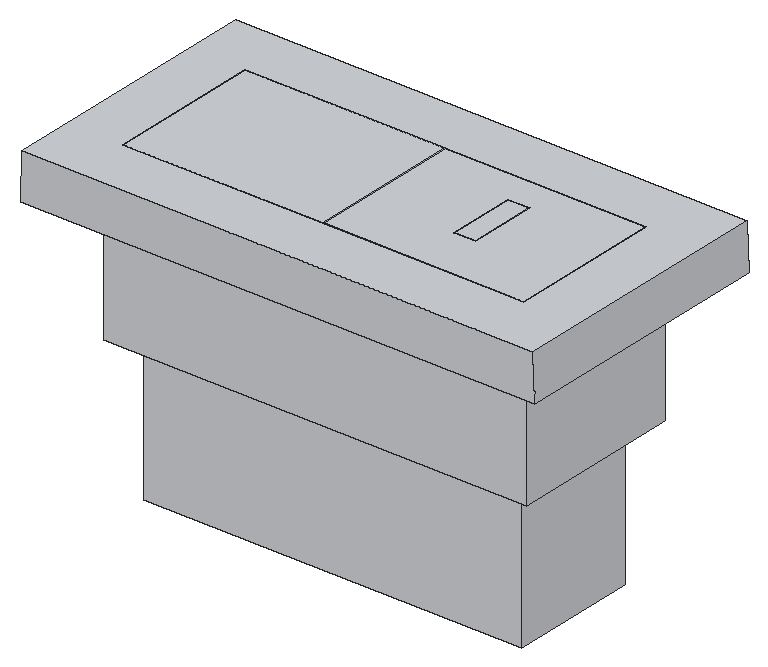
Revit family "ACO_PitLok_Plastic", category Electrical Equipment, Revit 2015
Parameters (values of type "P8 Assembly – ACO PitLok SCEC (SL1)")
  type_index = 4
  overall weight = if(type_index = 7, "1090 kg", if(type_index = 6, "500 kg", if(type_index = 5, "390 kg", if(type_index = 4, "399 kg", if(type_index = 3, "390 kg", if(type_index = 2, "220 kg", if(type_index = 1, "204 kg", "0")))))))  # "399 kg"
  overall depth = if(type_index = 7, 220 mm, if(type_index = 6, 200 mm, if(type_index = 5, 150 mm, if(type_index = 4, 1040 mm, if(type_index = 3, 820 mm, if(type_index = 2, 785 mm, if(type_index = 1, 950 mm, 0 mm)))))))  # 1040 mm
  UF Number = "G4010.10"  # constant formula
  Plinth Part Number = if(type_index = 7, "142519", if(type_index = 6, "142238", if(type_index = 5, "142366", if(type_index = 4, "142236", if(type_index = 3, "142236", if(type_index = 2, "142235", if(type_index = 1, "142234", "0")))))))  # "142236"
  Pit Part Number = if(type_index = 7, "--", if(type_index = 6, "--", if(type_index = 5, "--", if(type_index = 4, "75019", if(type_index = 3, "75475", if(type_index = 2, "7604299", if(type_index = 1, "75957", "0")))))))  # "75019"
  P4_visibility = type_index = 1  # no
  URL = "http://www.acoaus.com.au/"
  P8_visibility = type_index = 4  # yes
  P6_visibility = type_index = 3  # no
  P5_visibiliy = type_index = 2  # no
  Model = "ACO PitLok®"  # constant formula
  Manufacturer = "ACO Pty Ltd\r\n"  # constant formula
  MF Number = "337173"  # constant formula
  Lid part number = if(type_index = 7, "142519", if(type_index = 6, "142238", if(type_index = 5, "142367", if(type_index = 4, "142241", if(type_index = 3, "142241", if(type_index = 2, "142240", if(type_index = 1, "142239", "0")))))))  # "142241"
  Description = "ACO PITLOK® High Security Trafficable Enclosures"  # constant formula
  Clear Opening Dimensions = if(type_index = 7, "990 x 990 mm", if(type_index = 6, "990 x 990 mm", if(type_index = 5, "715 x 715 mm", if(type_index = 4, "1268 x 455 x 836 mm", if(type_index = 3, "1268 x 455 x 616 mm", if(type_index = 2, "603 x 353  x 581 mm", if(type_index = 1, "605 x 300 x 745 mm", "0")))))))  # "1268 x 455 x 836 mm"
  Assembly Code = ""
  800P_visibility = type_index = 5  # no
  1000HP_visibility = type_index = 6  # no
  1000HP15_visibility = type_index = 7  # no
Types (8, lengths in mm): name | type_index | overall weight | overall depth | Plinth Part Number | Pit Part Number | P4_visibility | P8_visibility | P6_visibility | P5_visibiliy | Lid part number | Clear Opening Dimensions | 800P_visibility | 1000HP_visibility | 1000HP15_visibility
  (no name) | 4 | "399 kg" | 1040 | "142236" | "75019" | no | yes | no | no | "142241" | "1268 x 455 x 836 mm" | no | no | no
  1000HP10 Assembly – ACO PitLok SCEC (SL1) | 6 | "500 kg" | 200 | "142238" | "--" | no | no | no | no | "142238" | "990 x 990 mm" | no | yes | no
  P5 Assembly – ACO PitLok SCEC (SL1) | 2 | "220 kg" | 785 | "142235" | "7604299" | no | no | no | yes | "142240" | "603 x 353  x 581 mm" | no | no | no
  P6 Assembly – ACO PitLok SCEC (SL1) | 3 | "390 kg" | 820 | "142236" | "75475" | no | no | yes | no | "142241" | "1268 x 455 x 616 mm" | no | no | no
  P8 Assembly – ACO PitLok SCEC (SL1) | 4 | "399 kg" | 1040 | "142236" | "75019" | no | yes | no | no | "142241" | "1268 x 455 x 836 mm" | no | no | no
  800P Assembly – ACO PitLok SCEC (SL1) | 5 | "390 kg" | 150 | "142366" | "--" | no | no | no | no | "142367" | "715 x 715 mm" | yes | no | no
  P4 Assembly – ACO PitLok SCEC (SL1) | 1 | "204 kg" | 950 | "142234" | "75957" | yes | no | no | no | "142239" | "605 x 300 x 745 mm" | no | no | no
  1000HP15 Assembly – ACO PitLok SCEC (SL1) | 7 | "1090 kg" | 220 | "142519" | "--" | no | no | no | no | "142519" | "990 x 990 mm" | no | no | yes
Reference planes
  plane 1 "Center (Front/Back)": y = 0
  plane 2: z = 0
  plane 3 "Center (Left/Right)": x = 0
  plane 4 "Pit_top": z = -1000
Lines and regions (mm)
  symbolic lines
    curve 1: line (0, 0, -1000) -> (0, 251, -1000)
Dimensions and locks
  level to plane 4 "Pit_top" = 1000 mm
  aligned and locked: level to plane 2
  aligned and locked: plane 3 "Center (Left/Right)" to nested 1
  aligned and locked: plane 1 "Center (Front/Back)" to nested 1
  aligned and locked: plane 4 "Pit_top" to nested 1
  aligned and locked: plane 1 "Center (Front/Back)" to nested 2
  aligned and locked: plane 3 "Center (Left/Right)" to nested 2
  aligned and locked: plane 4 "Pit_top" to nested 2
  aligned and locked: plane 1 "Center (Front/Back)" to nested 3
  aligned and locked: plane 3 "Center (Left/Right)" to nested 3
  aligned and locked: plane 4 "Pit_top" to nested 3
  aligned and locked: plane 1 "Center (Front/Back)" to nested 4
  aligned and locked: plane 3 "Center (Left/Right)" to nested 4
  aligned and locked: plane 4 "Pit_top" to nested 4
  aligned and locked: plane 1 "Center (Front/Back)" to nested 5
  aligned and locked: plane 3 "Center (Left/Right)" to nested 5
  aligned and locked: plane 4 "Pit_top" to nested 5
  aligned and locked: plane 1 "Center (Front/Back)" to nested 6
  aligned and locked: plane 3 "Center (Left/Right)" to nested 6
  aligned and locked: plane 4 "Pit_top" to nested 6
  aligned and locked: plane 1 "Center (Front/Back)" to nested 7
  aligned and locked: plane 3 "Center (Left/Right)" to nested 7
  aligned and locked: plane 4 "Pit_top" to nested 7
Nested families
  nested 1: "p4" at (0, 0, -149.909), visible <- "P4_visibility", type "P4"
    with article_number "", a 700 mm
  nested 2: "p5" at (0, 0, -150), visible <- "P5_visibiliy", type "P5"
    with article_number "", Plinth width 750 mm
  nested 3: "p6" at (0, 0, -149.909), visible <- "P6_visibility", type "P6"
    with plinth width 870 mm, article_number ""
  nested 4: "p8" at (0, 0, -149.909), visible <- "P8_visibility", type "P6"
    with plinth width 870 mm, article_number ""
  nested 5: "800p" at (0, 0, -149.909), visible <- "800P_visibility", type "800p"
    with plinth width 1180 mm, article_number ""
  nested 6: "1000HP10" at (0, 0, -200), visible <- "1000HP_visibility", type "100HP"
    with plinth width 1400 mm, article_number ""
  nested 7: "1000HP15" at (0, 0, -220), visible <- "1000HP15_visibility", type "100HP15"
    with plinth width 1760 mm, article_number ""
Definition of nested family "p8"
  Parameters (values of type "P6")
    y_dist_calculated = 472 mm  # constant formula
    x_dist_calculated = 418 mm  # constant formula
    visibility = yes
    overall_top_width = 1378 mm  # constant formula
    overall_top_length = 565 mm  # constant formula
    lid_width = 1306 mm  # constant formula
    lid_length = 498 mm  # constant formula
    article_number [instance] = ""
    plinth width [instance] = 870 mm  # constant formula
    URL = ""
    Model = "ACO PITLOK®"  # constant formula
    Manufacturer = "ACO Pty Ltd\r\n"  # constant formula
    Description = "ACO PITLOK® High Security Trafficable Enclosures"  # constant formula
    Assembly Code = ""
  Reference planes
    plane 1 "Center (Front/Back)": y = 0
    plane 2: z = 0
    plane 3 "Center (Left/Right)": x = 0
    plane 4 "Pit_top": z = -1000
    plane 5: x = -689
    plane 6: x = 689
    plane 7: y = 282.5
    plane 8: y = -282.5
    plane 9: y = 435
    plane 10: y = -435
  Forms (mm)
    Sweep 1, solid, visible <- "visibility"
      path origin (0, 0, -1000) x (-1, 0, 0) y (0, -1, 0)
        loop
          line (689, -282.5) -> (689, 282.5) -> (-689, 282.5) -> (-689, -282.5) -> (689, -282.5)
      profile origin (0, 282.5, -1000) x (0, 1, 0) y (0, 0, 1)
        loop
          line (0, 0) -> (-31.5, 0) -> (-31.5, -368) -> (-105, -368) -> (-105, -890) -> (-74, -890) -> (-74, -418) -> (0, -418) -> (0, 0)
    Extrusion 2, solid, visible <- "visibility"
      sketch origin (0, 0, -1000) x (-1, 0, 0) y (0, -1, 0)
        loop
          line (584, -177.5) -> (584, 177.5) -> (-584, 177.5) -> (-584, -177.5) -> (584, -177.5)
      from -890 to -860.581
    Extrusion 3, solid, visible <- "visibility"
      sketch origin (0, 0, 0) x (1, 0, 0) y (0, 0, 1)
        loop
          line (-832.265, -850.091) -> (-837.5, -1000) -> (0, -1000) -> (837.5, -1000) -> (832.265, -850.091) -> (-832.265, -850.091)
      from -435 to 435
    Extrusion 4, void
      sketch origin (0, 0, -1000) x (-1, 0, 0) y (0, -1, 0)
        loop
          line (653, -249) -> (653, 249) -> (-653, 249) -> (-653, -249) -> (653, -249)
      from 0 to 149.909
    Extrusion 5, solid, visible <- "visibility"
      sketch origin (0, 0, -1000) x (-1, 0, 0) y (0, -1, 0)
        loop
          line (652, -248) -> (652, 248) -> (1, 248) -> (1, -248) -> (652, -248)
        loop
          line (-1, -248) -> (-1, 248) -> (-652, 248) -> (-652, -248) -> (-1, -248)
        loop
          line (-360, -141) -> (-290, -141) -> (-290, 79) -> (-360, 79) -> (-360, -141)
        loop
          line (-291, -140) -> (-291, 78) -> (-359, 78) -> (-359, -140) -> (-291, -140)
      from 132.62 to 149.909
  Cuts and joins
    Extrusion 4 cuts Sweep 1
    Extrusion 4 cuts Extrusion 2
    joined: Sweep 1, Extrusion 2
    Extrusion 4 cuts Extrusion 3
  Lines and regions (mm)
    symbolic lines
      curve 1: line (0, 0, -1000) -> (0, 251, -1000)
  Dimensions and locks
    level to plane 4 "Pit_top" = 1000 mm
    equal spacing: plane 5, plane 3 "Center (Left/Right)", plane 6
    equal spacing: plane 7, plane 1 "Center (Front/Back)", plane 8
    "x_dist_calculated": plane 4 "Pit_top" to Sweep 1 sketch curve
    "y_dist_calculated": Sweep 1 sketch curve to Sweep 1 sketch curve
    "overall_top_width": plane 5 to plane 6
    "overall_top_length": plane 7 to plane 8
    Sweep 1 sketch curve to Sweep 1 sketch curve to Sweep 1 sketch curve to Sweep 1 sketch curve = 31.5 mm locked, 42.5 mm locked, 31 mm locked
    equal spacing: plane 9, plane 1 "Center (Front/Back)", plane 10
    "plinth width": plane 9 to plane 10
    equal spacing: Extrusion 4 sketch curve, plane 3 "Center (Left/Right)", Extrusion 4 sketch curve
    "lid_width": Extrusion 4 sketch curve to Extrusion 4 sketch curve
    equal spacing: Extrusion 4 sketch curve, plane 1 "Center (Front/Back)", Extrusion 4 sketch curve
    "lid_length": Extrusion 4 sketch curve to Extrusion 4 sketch curve
    locked: Extrusion 3 sketch curve to Extrusion 3 sketch curve at 1675
    equal spacing: Extrusion 3 sketch curve, plane 3 "Center (Left/Right)", Extrusion 3 sketch curve, locked at 837.5 each
    Extrusion 5 sketch curve to Extrusion 5 sketch curve to Extrusion 5 sketch curve to Extrusion 5 sketch curve to Extrusion 5 sketch curve to Extrusion 5 sketch curve to Extrusion 5 sketch curve to Extrusion 5 sketch curve = 651 mm locked, 2 mm locked, 289 mm locked, 1 mm locked, 68 mm locked, 1 mm locked, 292 mm locked
    cut or joined group of Extrusion 3, Extrusion 4 to Extrusion 5 sketch curve to Extrusion 5 sketch curve to Extrusion 5 sketch curve to Extrusion 5 sketch curve to Extrusion 5 sketch curve = 170 mm locked, 1 mm locked, 218 mm locked, 1 mm locked, 107 mm locked
    locked: Extrusion 3 sketch curve to Extrusion 3 sketch curve (angle 88.00°)  (x2)
    aligned and locked: level to plane 2
    aligned and locked: Sweep 1 sketch curve to plane 7
    aligned and locked: plane 5 to Sweep 1 sketch curve
    aligned and locked: Sweep 1 sketch curve to plane 6
    aligned and locked: plane 8 to Sweep 1 sketch curve
    aligned and locked: Extrusion 2 sketch curve to Sweep 1  (x4)
    aligned and locked: Sweep 1 to Extrusion 2
    aligned and locked: plane 9 to Extrusion 3
    aligned and locked: Extrusion 3 to plane 10
  Automatic sketch dimensions
    curve 1 to plane 1 "Center (Front/Back)" = 0 mm
    curve 1 to plane 4 "Pit_top" = 0 mm
    curve 1 to plane 7 = 31.5 mm
    Extrusion 3 sketch curve to plane 4 "Pit_top" = 0 mm
    plane 3 "Center (Left/Right)" to Extrusion 3 sketch curve = 0 mm
    Extrusion 3 sketch curve to Extrusion 3 sketch curve = 5.235 mm
    Extrusion 5 sketch curve to plane 3 "Center (Left/Right)" = 1 mm
    Extrusion 5 sketch curve to plane 7 = 34.5 mm
    plane 8 to Extrusion 5 sketch curve = 34.5 mm
    Extrusion 5 sketch curve to Extrusion 5 sketch curve = 0 mm
    Sweep 1 sketch curve to plane 4 "Pit_top" = 0 mm
    Sweep 1 sketch curve to profile plane = 0 mm
    Sweep 1 sketch curve to Sweep 1 sketch curve = 50 mm
Definition of nested family "p4"
  Parameters (values of type "P4")
    y_dist_calculated = 503 mm  # constant formula
    x_dist_calculated = 297 mm  # constant formula
    visibility = yes
    overall_top_width = 715 mm  # constant formula
    overall_top_length = 410 mm  # constant formula
    lid_width = 648 mm  # constant formula
    lid_length = 346 mm  # constant formula
    article_number [instance] = ""
    a [instance] = 700 mm  # constant formula
    URL = ""
    Model = "ACO PITLOK®"  # constant formula
    Manufacturer = "ACO Pty Ltd\r\n"  # constant formula
    Description = "ACO PITLOK® High Security Trafficable Enclosures"  # constant formula
    Assembly Code = ""
  Reference planes
    plane 1 "Center (Front/Back)": y = 0
    plane 2: z = 0
    plane 3 "Center (Left/Right)": x = 0
    plane 4 "Pit_top": z = -1000
    plane 5: x = -357.5
    plane 6: x = 357.5
    plane 7: y = 205
    plane 8: y = -205
    plane 9: y = 350
    plane 10: y = -350
  Forms (mm)
    Sweep 1, solid, visible <- "visibility"
      path origin (0, 0, -1000) x (-1, 0, 0) y (0, -1, 0)
        loop
          line (357.5, -205) -> (357.5, 205) -> (-357.5, 205) -> (-357.5, -205) -> (357.5, -205)
      profile origin (0, 205, -1000) x (0, 1, 0) y (0, 0, 1)
        loop
          line (0, 0) -> (-31.5, 0) -> (-31.5, -247) -> (-105, -247) -> (-105, -800) -> (-74, -800) -> (-74, -297) -> (0, -297) -> (0, 0)
    Extrusion 2, solid, visible <- "visibility"
      sketch origin (0, 0, -1000) x (-1, 0, 0) y (0, -1, 0)
        loop
          line (252.5, -100) -> (252.5, 100) -> (-252.5, 100) -> (-252.5, -100) -> (252.5, -100)
      from -800 to -790.322
    Extrusion 3, solid, visible <- "visibility"
      sketch origin (0, 0, 0) x (1, 0, 0) y (0, 0, 1)
        loop
          line (514.853, -1000) -> (509.618, -850.091) -> (-490.382, -850.091) -> (-495.617, -1000) -> (514.853, -1000)
      from -350 to 350
    Extrusion 4, void
      sketch origin (0, 0, -1000) x (-1, 0, 0) y (0, -1, 0)
        loop
          line (324, -173) -> (324, 173) -> (-324, 173) -> (-324, -173) -> (324, -173)
      from 0 to 149.909
    Extrusion 5, solid, visible <- "visibility"
      sketch origin (0, 0, -1000) x (-1, 0, 0) y (0, -1, 0)
        loop
          line (324, -172) -> (324, 172) -> (-323, 172) -> (-323, -172) -> (324, -172)
        loop
          line (110, -35) -> (110, 35) -> (-110, 35) -> (-110, -35) -> (110, -35)
        loop
          line (109, -34) -> (109, 34) -> (-109, 34) -> (-109, -34) -> (109, -34)
      from 136.987 to 149.909
  Cuts and joins
    Extrusion 4 cuts Sweep 1
    Extrusion 4 cuts Extrusion 2
    joined: Sweep 1, Extrusion 2
    Extrusion 4 cuts Extrusion 3
  Lines and regions (mm)
    symbolic lines
      curve 1: line (0, 0, -1000) -> (0, 173.5, -1000)
  Dimensions and locks
    level to plane 4 "Pit_top" = 1000 mm
    equal spacing: plane 5, plane 3 "Center (Left/Right)", plane 6
    equal spacing: plane 7, plane 1 "Center (Front/Back)", plane 8
    "x_dist_calculated": plane 4 "Pit_top" to Sweep 1 sketch curve
    "y_dist_calculated": Sweep 1 sketch curve to Sweep 1 sketch curve
    "overall_top_width": plane 5 to plane 6
    "overall_top_length": plane 7 to plane 8
    Sweep 1 sketch curve to Sweep 1 sketch curve to Sweep 1 sketch curve to Sweep 1 sketch curve = 31.5 mm locked, 42.5 mm locked, 31 mm locked
    equal spacing: plane 9, plane 1 "Center (Front/Back)", plane 10
    "a": plane 9 to plane 10
    Extrusion 3 sketch curve to plane 3 "Center (Left/Right)" to Extrusion 3 sketch curve = 509.618 mm locked, 495.617 mm locked
    equal spacing: Extrusion 4 sketch curve, plane 3 "Center (Left/Right)", Extrusion 4 sketch curve
    "lid_width": Extrusion 4 sketch curve to Extrusion 4 sketch curve
    equal spacing: Extrusion 4 sketch curve, plane 1 "Center (Front/Back)", Extrusion 4 sketch curve
    "lid_length": Extrusion 4 sketch curve to Extrusion 4 sketch curve
    locked: Extrusion 5 sketch curve to Extrusion 5 sketch curve at 647
    locked: Extrusion 5 sketch curve to Extrusion 5 sketch curve at 344
    Extrusion 5 sketch curve to Extrusion 5 sketch curve to Extrusion 5 sketch curve to Extrusion 5 sketch curve = 1 mm locked, 218 mm locked, 1 mm locked
    Extrusion 5 sketch curve to Extrusion 5 sketch curve to Extrusion 5 sketch curve = 69 mm locked, 1 mm locked
    locked: Extrusion 3 sketch curve to Extrusion 3 sketch curve (angle 92.00°)  (x2)
    aligned and locked: level to plane 2
    aligned and locked: Sweep 1 sketch curve to plane 7
    aligned and locked: plane 5 to Sweep 1 sketch curve
    aligned and locked: Sweep 1 sketch curve to plane 6
    aligned and locked: plane 8 to Sweep 1 sketch curve
    aligned and locked: Extrusion 2 sketch curve to Sweep 1  (x4)
    aligned and locked: Sweep 1 to Extrusion 2
    aligned and locked: plane 9 to Extrusion 3
    aligned and locked: Extrusion 3 to plane 10
    aligned and locked: plane 4 "Pit_top" to Extrusion 3 sketch curve
    aligned and locked: cut or joined group of Extrusion 3, Extrusion 4 to Extrusion 5
    aligned and locked: cut or joined group of Extrusion 3, Extrusion 4 to Extrusion 4
  Automatic sketch dimensions
    curve 1 to plane 1 "Center (Front/Back)" = 0 mm
    curve 1 to plane 4 "Pit_top" = 0 mm
    curve 1 to plane 7 = 31.5 mm
    Extrusion 3 sketch curve to plane 5 = 132.882 mm
    Extrusion 5 sketch curve to plane 6 = 34.5 mm
    Extrusion 5 sketch curve to plane 1 "Center (Front/Back)" = 34 mm
    Extrusion 5 sketch curve to plane 3 "Center (Left/Right)" = 109 mm
    Extrusion 5 sketch curve to plane 7 = 33 mm
    plane 1 "Center (Front/Back)" to Extrusion 5 sketch curve = 34 mm
    Sweep 1 sketch curve to plane 4 "Pit_top" = 0 mm
    Sweep 1 sketch curve to profile plane = 0 mm
    Sweep 1 sketch curve to Sweep 1 sketch curve = 50 mm
Definition of nested family "p5"
  Parameters (values of type "P5")
    y_dist_calculated = 340 mm  # constant formula
    x_dist_calculated = 298 mm  # constant formula
    visibility = yes
    overall_top_width = 713 mm  # constant formula
    overall_top_length = 463 mm  # constant formula
    lid_width = 648 mm  # constant formula
    lid_length = 398 mm  # constant formula
    article_number [instance] = ""
    Plinth width [instance] = 750 mm  # constant formula
    URL = ""
    Model = "ACO PITLOK®"  # constant formula
    Manufacturer = "ACO Pty Ltd\r\n"  # constant formula
    Description = "ACO PITLOK® High Security Trafficable Enclosures"  # constant formula
    Assembly Code = ""
  Reference planes
    plane 1 "Center (Front/Back)": y = 0
    plane 2: z = 0
    plane 3 "Center (Left/Right)": x = 0
    plane 4 "Pit_top": z = -1000
    plane 5: x = -356.5
    plane 6: x = 356.5
    plane 7: y = 231.5
    plane 8: y = -231.5
    plane 9: y = 375
    plane 10: y = -375
  Forms (mm)
    Sweep 1, solid, visible <- "visibility"
      path origin (0, 0, -1000) x (-1, 0, 0) y (0, -1, 0)
        loop
          line (356.5, -231.5) -> (356.5, 231.5) -> (-356.5, 231.5) -> (-356.5, -231.5) -> (356.5, -231.5)
      profile origin (0, 231.5, -1000) x (0, 1, 0) y (0, 0, 1)
        loop
          line (0, 0) -> (-31.5, 0) -> (-31.5, -248) -> (-105, -248) -> (-105, -638) -> (-74, -638) -> (-74, -298) -> (0, -298) -> (0, 0)
    Extrusion 2, solid, visible <- "visibility"
      sketch origin (0, 0, -1000) x (-1, 0, 0) y (0, -1, 0)
        loop
          line (251.5, -126.5) -> (251.5, 126.5) -> (-251.5, 126.5) -> (-251.5, -126.5) -> (251.5, -126.5)
      from -638 to -633.748
    Extrusion 3, solid, visible <- "visibility"
      sketch origin (0, 0, 0) x (1, 0, 0) y (0, 0, 1)
        loop
          line (478.477, -1000) -> (473.239, -850) -> (-473.239, -850) -> (-478.477, -1000) -> (478.477, -1000)
      from -375 to 375
    Extrusion 4, void
      sketch origin (0, 0, -1000) x (-1, 0, 0) y (0, -1, 0)
        loop
          line (324, -199) -> (324, 199) -> (-324, 199) -> (-324, -199) -> (324, -199)
      from 0 to 149.909
    Extrusion 5, solid, visible <- "visibility"
      sketch origin (0, 0, -1000) x (-1, 0, 0) y (0, -1, 0)
        loop
          line (323.125, -197.75) -> (323.125, 197.75) -> (-322, 197.75) -> (-322, -197.75) -> (323.125, -197.75)
        loop
          line (110, -35) -> (110, 35) -> (-110, 35) -> (-110, -35) -> (110, -35)
        loop
          line (109, -34) -> (109, 34) -> (-109, 34) -> (-109, -34) -> (109, -34)
      from 137.099 to 150
  Cuts and joins
    Extrusion 4 cuts Sweep 1
    Extrusion 4 cuts Extrusion 2
    joined: Sweep 1, Extrusion 2
    Extrusion 4 cuts Extrusion 3
  Lines and regions (mm)
    symbolic lines
      curve 1: line (0, 0, -1000) -> (0, 200, -1000)
  Dimensions and locks
    level to plane 4 "Pit_top" = 1000 mm
    equal spacing: plane 5, plane 3 "Center (Left/Right)", plane 6
    equal spacing: plane 7, plane 1 "Center (Front/Back)", plane 8
    "x_dist_calculated": plane 4 "Pit_top" to Sweep 1 sketch curve
    "y_dist_calculated": Sweep 1 sketch curve to Sweep 1 sketch curve
    "overall_top_width": plane 5 to plane 6
    "overall_top_length": plane 7 to plane 8
    Sweep 1 sketch curve to Sweep 1 sketch curve to Sweep 1 sketch curve to Sweep 1 sketch curve = 31.5 mm locked, 42.5 mm locked, 31 mm locked
    equal spacing: plane 9, plane 1 "Center (Front/Back)", plane 10
    "Plinth width": plane 9 to plane 10
    equal spacing: Extrusion 4 sketch curve, plane 3 "Center (Left/Right)", Extrusion 4 sketch curve
    "lid_width": Extrusion 4 sketch curve to Extrusion 4 sketch curve
    equal spacing: Extrusion 4 sketch curve, plane 1 "Center (Front/Back)", Extrusion 4 sketch curve
    "lid_length": Extrusion 4 sketch curve to Extrusion 4 sketch curve
    Extrusion 5 sketch curve to Extrusion 5 sketch curve = 645.125 mm
    equal spacing: Extrusion 3 sketch curve, plane 3 "Center (Left/Right)", Extrusion 3 sketch curve
    Extrusion 5 sketch curve to Extrusion 5 sketch curve to Extrusion 5 sketch curve to Extrusion 5 sketch curve = 1 mm locked, 218 mm locked, 1 mm locked
    Extrusion 5 sketch curve to Extrusion 5 sketch curve to Extrusion 5 sketch curve to Extrusion 5 sketch curve = 1 mm locked, 68 mm locked, 1 mm locked
    equal spacing: Extrusion 5 sketch curve, plane 1 "Center (Front/Back)", Extrusion 5 sketch curve
    locked: Extrusion 3 sketch curve to Extrusion 3 sketch curve (angle 92.00°)  (x2)
    aligned and locked: level to plane 2
    aligned and locked: Sweep 1 sketch curve to plane 7
    aligned and locked: plane 5 to Sweep 1 sketch curve
    aligned and locked: Sweep 1 sketch curve to plane 6
    aligned and locked: plane 8 to Sweep 1 sketch curve
    aligned and locked: Extrusion 2 sketch curve to Sweep 1  (x4)
    aligned and locked: Sweep 1 to Extrusion 2
    aligned and locked: plane 9 to Extrusion 3
    aligned and locked: Extrusion 3 to plane 10
    aligned and locked: plane 4 "Pit_top" to Extrusion 3 sketch curve
  Automatic sketch dimensions
    curve 1 to plane 1 "Center (Front/Back)" = 0 mm
    curve 1 to plane 4 "Pit_top" = 0 mm
    curve 1 to plane 7 = 31.5 mm
    Extrusion 3 sketch curve to Extrusion 3 sketch curve = 5.238 mm
    Extrusion 3 sketch curve to plane 5 = 121.977 mm
    Extrusion 5 sketch curve to plane 6 = 34.5 mm
    Extrusion 5 sketch curve to plane 3 "Center (Left/Right)" = 109 mm
    plane 1 "Center (Front/Back)" to Extrusion 5 sketch curve = 34 mm
    Extrusion 5 sketch curve to plane 7 = 33.75 mm
    Sweep 1 sketch curve to plane 4 "Pit_top" = 0 mm
    Sweep 1 sketch curve to profile plane = 0 mm
    Sweep 1 sketch curve to Sweep 1 sketch curve = 50 mm
Definition of nested family "p6"
  Parameters (values of type "P6")
    y_dist_calculated = 372 mm  # constant formula
    x_dist_calculated = 297 mm  # constant formula
    visibility = yes
    overall_top_width = 1378 mm  # constant formula
    overall_top_length = 565 mm  # constant formula
    lid_width = 1306 mm  # constant formula
    lid_length = 498 mm  # constant formula
    article_number [instance] = ""
    plinth width [instance] = 870 mm  # constant formula
    URL = ""
    Model = "ACO PITLOK®"  # constant formula
    Manufacturer = "ACO Pty Ltd\r\n"  # constant formula
    Description = "ACO PITLOK® High Security Trafficable Enclosures"  # constant formula
    Assembly Code = ""
  Reference planes
    plane 1 "Center (Front/Back)": y = 0
    plane 2: z = 0
    plane 3 "Center (Left/Right)": x = 0
    plane 4 "Pit_top": z = -1000
    plane 5: x = -689
    plane 6: x = 689
    plane 7: y = 282.5
    plane 8: y = -282.5
    plane 9: y = 435
    plane 10: y = -435
  Forms (mm)
    Sweep 1, solid, visible <- "visibility"
      path origin (0, 0, -1000) x (-1, 0, 0) y (0, -1, 0)
        loop
          line (689, -282.5) -> (689, 282.5) -> (-689, 282.5) -> (-689, -282.5) -> (689, -282.5)
      profile origin (0, 282.5, -1000) x (0, 1, 0) y (0, 0, 1)
        loop
          line (0, 0) -> (-31.5, 0) -> (-31.5, -247) -> (-105, -247) -> (-105, -669) -> (-74, -669) -> (-74, -297) -> (0, -297) -> (0, 0)
    Extrusion 2, solid, visible <- "visibility"
      sketch origin (0, 0, -1000) x (-1, 0, 0) y (0, -1, 0)
        loop
          line (584, -177.5) -> (584, 177.5) -> (-584, 177.5) -> (-584, -177.5) -> (584, -177.5)
      from -669 to -658.384
    Extrusion 3, solid, visible <- "visibility"
      sketch origin (0, 0, 0) x (1, 0, 0) y (0, 0, 1)
        loop
          line (-832.265, -850.091) -> (-837.5, -1000) -> (0, -1000) -> (837.5, -1000) -> (832.265, -850.091) -> (-832.265, -850.091)
      from -435 to 435
    Extrusion 4, void
      sketch origin (0, 0, -1000) x (-1, 0, 0) y (0, -1, 0)
        loop
          line (653, -249) -> (653, 249) -> (-653, 249) -> (-653, -249) -> (653, -249)
      from 0 to 149.909
    Extrusion 5, solid, visible <- "visibility"
      sketch origin (0, 0, -1000) x (-1, 0, 0) y (0, -1, 0)
        loop
          line (652, -248) -> (652, 248) -> (1, 248) -> (1, -248) -> (652, -248)
        loop
          line (-1, -248) -> (-1, 248) -> (-652, 248) -> (-652, -248) -> (-1, -248)
        loop
          line (-360, -141) -> (-290, -141) -> (-290, 79) -> (-360, 79) -> (-360, -141)
        loop
          line (-291, -140) -> (-291, 78) -> (-359, 78) -> (-359, -140) -> (-291, -140)
      from 132.62 to 149.909
  Cuts and joins
    Extrusion 4 cuts Sweep 1
    Extrusion 4 cuts Extrusion 2
    joined: Sweep 1, Extrusion 2
    Extrusion 4 cuts Extrusion 3
  Lines and regions (mm)
    symbolic lines
      curve 1: line (0, 0, -1000) -> (0, 251, -1000)
  Dimensions and locks
    level to plane 4 "Pit_top" = 1000 mm
    equal spacing: plane 5, plane 3 "Center (Left/Right)", plane 6
    equal spacing: plane 7, plane 1 "Center (Front/Back)", plane 8
    "x_dist_calculated": plane 4 "Pit_top" to Sweep 1 sketch curve
    "y_dist_calculated": Sweep 1 sketch curve to Sweep 1 sketch curve
    "overall_top_width": plane 5 to plane 6
    "overall_top_length": plane 7 to plane 8
    Sweep 1 sketch curve to Sweep 1 sketch curve to Sweep 1 sketch curve to Sweep 1 sketch curve = 31.5 mm locked, 42.5 mm locked, 31 mm locked
    equal spacing: plane 9, plane 1 "Center (Front/Back)", plane 10
    "plinth width": plane 9 to plane 10
    equal spacing: Extrusion 4 sketch curve, plane 3 "Center (Left/Right)", Extrusion 4 sketch curve
    "lid_width": Extrusion 4 sketch curve to Extrusion 4 sketch curve
    equal spacing: Extrusion 4 sketch curve, plane 1 "Center (Front/Back)", Extrusion 4 sketch curve
    "lid_length": Extrusion 4 sketch curve to Extrusion 4 sketch curve
    locked: Extrusion 3 sketch curve to Extrusion 3 sketch curve at 1675
    equal spacing: Extrusion 3 sketch curve, plane 3 "Center (Left/Right)", Extrusion 3 sketch curve, locked at 837.5 each
    Extrusion 5 sketch curve to Extrusion 5 sketch curve to Extrusion 5 sketch curve to Extrusion 5 sketch curve to Extrusion 5 sketch curve to Extrusion 5 sketch curve to Extrusion 5 sketch curve to Extrusion 5 sketch curve = 651 mm locked, 2 mm locked, 289 mm locked, 1 mm locked, 68 mm locked, 1 mm locked, 292 mm locked
    cut or joined group of Extrusion 3, Extrusion 4 to Extrusion 5 sketch curve to Extrusion 5 sketch curve to Extrusion 5 sketch curve to Extrusion 5 sketch curve to Extrusion 5 sketch curve = 170 mm locked, 1 mm locked, 218 mm locked, 1 mm locked, 107 mm locked
    locked: Extrusion 3 sketch curve to Extrusion 3 sketch curve (angle 88.00°)  (x2)
    aligned and locked: level to plane 2
    aligned and locked: Sweep 1 sketch curve to plane 7
    aligned and locked: plane 5 to Sweep 1 sketch curve
    aligned and locked: Sweep 1 sketch curve to plane 6
    aligned and locked: plane 8 to Sweep 1 sketch curve
    aligned and locked: Extrusion 2 sketch curve to Sweep 1  (x4)
    aligned and locked: Sweep 1 to Extrusion 2
    aligned and locked: plane 9 to Extrusion 3
    aligned and locked: Extrusion 3 to plane 10
  Automatic sketch dimensions
    curve 1 to plane 1 "Center (Front/Back)" = 0 mm
    curve 1 to plane 4 "Pit_top" = 0 mm
    curve 1 to plane 7 = 31.5 mm
    Extrusion 3 sketch curve to plane 4 "Pit_top" = 0 mm
    plane 3 "Center (Left/Right)" to Extrusion 3 sketch curve = 0 mm
    Extrusion 3 sketch curve to Extrusion 3 sketch curve = 5.235 mm
    Extrusion 5 sketch curve to plane 3 "Center (Left/Right)" = 1 mm
    Extrusion 5 sketch curve to plane 7 = 34.5 mm
    plane 8 to Extrusion 5 sketch curve = 34.5 mm
    Extrusion 5 sketch curve to Extrusion 5 sketch curve = 0 mm
    Sweep 1 sketch curve to plane 4 "Pit_top" = 0 mm
    Sweep 1 sketch curve to profile plane = 0 mm
    Sweep 1 sketch curve to Sweep 1 sketch curve = 50 mm
Definition of nested family "800p"
  Parameters (values of type "800p")
    visibility = yes
    overall_top_width = 1378 mm  # constant formula
    overall_top_length = 565 mm  # constant formula
    lid_width = 795 mm  # constant formula
    lid_length = 795 mm  # constant formula
    article_number [instance] = ""
    plinth width [instance] = 1180 mm  # constant formula
    URL = ""
    Model = "ACO PITLOK®"  # constant formula
    Manufacturer = "ACO Pty Ltd\r\n"  # constant formula
    Description = "ACO PITLOK® High Security Trafficable Enclosures"  # constant formula
    Assembly Code = ""
  Reference planes
    plane 1 "Center (Front/Back)": y = 0
    plane 2: z = 0
    plane 3 "Center (Left/Right)": x = 0
    plane 4 "Pit_top": z = -1000
    plane 5: x = -689
    plane 6: x = 689
    plane 7: y = 282.5
    plane 8: y = -282.5
    plane 9: y = 590
    plane 10: y = -590
  Forms (mm)
    Extrusion 1, solid, visible <- "visibility"
      sketch origin (0, 0, 0) x (1, 0, 0) y (0, 0, 1)
        loop
          line (-594.765, -850.091) -> (-600, -1000) -> (600, -1000) -> (594.765, -850.091) -> (-594.765, -850.091)
      from -590 to 590
    Extrusion 2, void
      sketch origin (0, 0, -1000) x (-1, 0, 0) y (0, -1, 0)
        loop
          line (397.5, -397.5) -> (397.5, 397.5) -> (-397.5, 397.5) -> (-397.5, -397.5) -> (397.5, -397.5)
      from 0 to 149.909
    Extrusion 3, solid, visible <- "visibility"
      sketch origin (0, 0, -1000) x (-1, 0, 0) y (0, -1, 0)
        loop
          line (396.5, -396.5) -> (396.5, 396.5) -> (1, 396.5) -> (1, -396.5) -> (396.5, -396.5)
        loop
          line (-396.5, -396.5) -> (-1, -396.5) -> (-1, 396.5) -> (-396.5, 396.5) -> (-396.5, -396.5)
        loop
          line (-216.5, -138.5) -> (-146.5, -138.5) -> (-146.5, 81.5) -> (-216.5, 81.5) -> (-216.5, -138.5)
        loop
          line (-147.5, -137.5) -> (-147.5, 80.5) -> (-215.5, 80.5) -> (-215.5, -137.5) -> (-147.5, -137.5)
      from 141.404 to 149.909
  Cuts and joins
    Extrusion 2 cuts Extrusion 1
  Lines and regions (mm)
    symbolic lines
      curve 1: line (0, 0, -1000) -> (0, 251, -1000)
  Dimensions and locks
    level to plane 4 "Pit_top" = 1000 mm
    equal spacing: plane 5, plane 3 "Center (Left/Right)", plane 6
    equal spacing: plane 7, plane 1 "Center (Front/Back)", plane 8
    "overall_top_width": plane 5 to plane 6
    "overall_top_length": plane 7 to plane 8
    equal spacing: plane 9, plane 1 "Center (Front/Back)", plane 10
    "plinth width": plane 9 to plane 10
    equal spacing: Extrusion 2 sketch curve, plane 3 "Center (Left/Right)", Extrusion 2 sketch curve
    "lid_width": Extrusion 2 sketch curve to Extrusion 2 sketch curve
    equal spacing: Extrusion 2 sketch curve, plane 1 "Center (Front/Back)", Extrusion 2 sketch curve
    "lid_length": Extrusion 2 sketch curve to Extrusion 2 sketch curve
    equal spacing: Extrusion 1 sketch curve, plane 3 "Center (Left/Right)", Extrusion 1 sketch curve
    locked: Extrusion 1 sketch curve to Extrusion 1 sketch curve at 1200
    locked: Extrusion 1 sketch curve to Extrusion 1 sketch curve (angle 88.00°)  (x2)
    aligned and locked: level to plane 2
    aligned and locked: plane 9 to Extrusion 1
    aligned and locked: Extrusion 1 to plane 10
  Automatic sketch dimensions
    curve 1 to plane 1 "Center (Front/Back)" = 0 mm
    curve 1 to plane 4 "Pit_top" = 0 mm
    curve 1 to plane 7 = 31.5 mm
    Extrusion 1 sketch curve to plane 4 "Pit_top" = 0 mm
    Extrusion 1 sketch curve to Extrusion 1 sketch curve = 5.235 mm
    Extrusion 3 sketch curve to plane 8 = 114 mm  (x2)
    Extrusion 3 sketch curve to plane 6 = 292.5 mm
    plane 3 "Center (Left/Right)" to Extrusion 3 sketch curve = 216.5 mm
    Extrusion 3 sketch curve to Extrusion 3 sketch curve = 1 mm  (x4)
    Extrusion 3 sketch curve to Extrusion 3 sketch curve = 68 mm
    plane 3 "Center (Left/Right)" to Extrusion 3 sketch curve = 1 mm
    Extrusion 3 sketch curve to plane 3 "Center (Left/Right)" = 1 mm
    plane 5 to Extrusion 3 sketch curve = 292.5 mm
    plane 1 "Center (Front/Back)" to Extrusion 3 sketch curve = 81.5 mm
    Extrusion 3 sketch curve to plane 1 "Center (Front/Back)" = 137.5 mm
    plane 7 to Extrusion 3 sketch curve = 114 mm
    Extrusion 3 sketch curve to Extrusion 3 sketch curve = 0 mm
Definition of nested family "1000HP10"
  Parameters (values of type "100HP")
    visibility = yes
    overall_top_width = 1380 mm  # constant formula
    overall_top_length = 565 mm  # constant formula
    lid_width = 1108 mm  # constant formula
    lid_length = 1108 mm  # constant formula
    article_number [instance] = ""
    plinth width [instance] = 1400 mm  # constant formula
    URL = ""
    Model = "ACO PITLOK®"  # constant formula
    Manufacturer = "ACO Pty Ltd\r\n"  # constant formula
    Description = "ACO PITLOK® High Security Trafficable Enclosures"  # constant formula
    Assembly Code = ""
  Reference planes
    plane 1 "Center (Front/Back)": y = 0
    plane 2: z = 0
    plane 3 "Center (Left/Right)": x = 0
    plane 4 "Pit_top": z = -1000
    plane 5: x = -690
    plane 6: x = 690
    plane 7: y = 282.5
    plane 8: y = -282.5
    plane 9: y = 700
    plane 10: y = -700
  Forms (mm)
    Extrusion 1, solid, visible <- "visibility"
      sketch origin (0, 0, 0) x (1, 0, 0) y (0, 0, 1)
        loop
          line (-696.984, -800) -> (-690, -1000) -> (690, -1000) -> (696.984, -800) -> (-696.984, -800)
      from -700 to 700
    Extrusion 2, void
      sketch origin (0, 0, -1000) x (-1, 0, 0) y (0, -1, 0)
        loop
          line (554, -554) -> (554, 554) -> (-554, 554) -> (-554, -554) -> (554, -554)
      from 0 to 200
    Extrusion 3, solid, visible <- "visibility"
      sketch origin (0, 0, -1000) x (-1, 0, 0) y (0, -1, 0)
        loop
          line (554, -553) -> (554, 553) -> (1, 553) -> (1, -553) -> (554, -553)
        loop
          line (-554, -553) -> (-1, -553) -> (-1, 553) -> (-554, 553) -> (-554, -553)
        loop
          line (35.238, -87) -> (105.238, -87) -> (105.238, 133) -> (35.238, 133) -> (35.238, -87)
        loop
          line (104.238, -86) -> (104.238, 132) -> (36.238, 132) -> (36.238, -86) -> (104.238, -86)
        loop
          line (54, 465) -> (54, 342)
          arc (54, 342) -> (69.057, 326.943) -> (84.114, 342) r 15.057
          line (84.114, 342) -> (84.114, 393.5)
          arc (84.114, 393.5) -> (94.094, 403.48) -> (84.114, 413.461) r 9.98
          line (84.114, 413.461) -> (84.114, 465)
          arc (84.114, 465) -> (69.057, 480.057) -> (54, 465) r 15.057
        loop
          line (85.114, 342) -> (85.114, 392.546)
          arc (85.114, 392.546) -> (95.094, 403.48) -> (85.114, 414.415) r 10.98
          line (85.114, 414.415) -> (85.114, 465)
          arc (85.114, 465) -> (69.057, 481.057) -> (53, 465) r 16.057
          line (53, 465) -> (53, 342)
          arc (53, 342) -> (69.057, 325.943) -> (85.114, 342) r 16.057
        loop
          arc (54, -465) -> (69.057, -480.057) -> (84.114, -465) r 15.057
          line (84.114, -465) -> (84.114, -413.461)
          arc (84.114, -413.461) -> (94.094, -403.48) -> (84.114, -393.5) r 9.98
          line (84.114, -393.5) -> (84.114, -342)
          arc (84.114, -342) -> (69.057, -326.943) -> (54, -342) r 15.057
          line (54, -342) -> (54, -465)
        loop
          arc (85.114, -342) -> (69.057, -325.943) -> (53, -342) r 16.057
          line (53, -342) -> (53, -465)
          arc (53, -465) -> (69.057, -481.057) -> (85.114, -465) r 16.057
          line (85.114, -465) -> (85.114, -414.415)
          arc (85.114, -414.415) -> (95.094, -403.48) -> (85.114, -392.546) r 10.98
          line (85.114, -392.546) -> (85.114, -342)
      from 181.194 to 200
  Cuts and joins
    Extrusion 2 cuts Extrusion 1
  Lines and regions (mm)
    symbolic lines
      curve 1: line (0, 0, -1000) -> (0, 251, -1000)
  Dimensions and locks
    level to plane 4 "Pit_top" = 1000 mm
    equal spacing: plane 5, plane 3 "Center (Left/Right)", plane 6
    equal spacing: plane 7, plane 1 "Center (Front/Back)", plane 8
    "overall_top_width": plane 5 to plane 6
    "overall_top_length": plane 7 to plane 8
    equal spacing: plane 9, plane 1 "Center (Front/Back)", plane 10
    "plinth width": plane 9 to plane 10
    equal spacing: Extrusion 2 sketch curve, plane 3 "Center (Left/Right)", Extrusion 2 sketch curve
    "lid_width": Extrusion 2 sketch curve to Extrusion 2 sketch curve
    equal spacing: Extrusion 2 sketch curve, plane 1 "Center (Front/Back)", Extrusion 2 sketch curve
    "lid_length": Extrusion 2 sketch curve to Extrusion 2 sketch curve
    locked: Extrusion 1 sketch curve to Extrusion 1 sketch curve at 1393.968
    locked: Extrusion 1 sketch curve to Extrusion 1 sketch curve at 1380
    equal spacing: plane 6, plane 3 "Center (Left/Right)", Extrusion 1 sketch curve
    aligned and locked: level to plane 2
    aligned and locked: plane 9 to Extrusion 1
    aligned and locked: Extrusion 1 to plane 10
    aligned and locked: Extrusion 1 to Extrusion 2
  Automatic sketch dimensions
    curve 1 to plane 1 "Center (Front/Back)" = 0 mm
    curve 1 to plane 4 "Pit_top" = 0 mm
    curve 1 to plane 7 = 31.5 mm
    Extrusion 3 sketch curve to Extrusion 3 sketch curve = 0 mm  (x13)
    Extrusion 3 sketch curve to plane 6 = 136 mm
    plane 3 "Center (Left/Right)" to Extrusion 3 sketch curve = 1 mm
    Extrusion 3 sketch curve to plane 3 "Center (Left/Right)" = 1 mm
    Extrusion 3 sketch curve to plane 3 "Center (Left/Right)" = 35.238 mm
    Extrusion 3 sketch curve to Extrusion 3 sketch curve = 1 mm  (x6)
    Extrusion 3 sketch curve to plane 3 "Center (Left/Right)" = 53 mm  (x2)
    Extrusion 3 sketch curve to Extrusion 3 sketch curve = 15.057 mm  (x2)
    Extrusion 3 sketch curve to Extrusion 3 sketch curve = 68 mm
    plane 5 to Extrusion 3 sketch curve = 136 mm
    Extrusion 3 sketch curve to plane 9 = 147 mm  (x2)
    Extrusion 3 sketch curve to Extrusion 3 sketch curve = 88 mm
    Extrusion 3 sketch curve to Extrusion 3 sketch curve = 50.585 mm  (x2)
    Extrusion 3 sketch curve to Extrusion 3 sketch curve = 0.954 mm  (x2)
    Extrusion 3 sketch curve to Extrusion 3 sketch curve = 9.98 mm  (x2)
    Extrusion 3 sketch curve to Extrusion 3 sketch curve = 50.546 mm  (x2)
    Extrusion 3 sketch curve to plane 1 "Center (Front/Back)" = 87 mm
    plane 1 "Center (Front/Back)" to Extrusion 3 sketch curve = 132 mm
    Extrusion 3 sketch curve to plane 8 = 59.5 mm
    plane 10 to Extrusion 3 sketch curve = 147 mm
    plane 6 to Extrusion 1 sketch curve = 6.984 mm
    Extrusion 1 sketch curve to plane 4 "Pit_top" = 0 mm
    plane 4 "Pit_top" to Extrusion 1 sketch curve = 200 mm
Definition of nested family "1000HP15"
  Parameters (values of type "100HP15")
    visibility = yes
    lid_width = 1108 mm  # constant formula
    lid_length = 1108 mm  # constant formula
    article_number [instance] = ""
    plinth width [instance] = 1760 mm  # constant formula
    URL = ""
    Model = "ACO PITLOK®"  # constant formula
    Manufacturer = "ACO Pty Ltd\r\n"  # constant formula
    Description = "ACO PITLOK® High Security Trafficable Enclosures"  # constant formula
    Assembly Code = ""
  Reference planes
    plane 1 "Center (Front/Back)": y = 0
    plane 2: z = 0
    plane 3 "Center (Left/Right)": x = 0
    plane 4 "Pit_top": z = -1000
    plane 5: x = -880
    plane 6: x = 880
    plane 7: y = 880
    plane 8: y = -880
    plane 9: y = 880
    plane 10: y = -880
  Forms (mm)
    Extrusion 1, solid, visible <- "visibility"
      sketch origin (0, 0, 0) x (1, 0, 0) y (0, 0, 1)
        loop
          line (-880, -780) -> (-880, -1000) -> (880, -1000) -> (880, -780) -> (-880, -780)
      from -880 to 880
    Extrusion 2, void
      sketch origin (0, 0, -1000) x (-1, 0, 0) y (0, -1, 0)
        loop
          line (554, -554) -> (554, 554) -> (-554, 554) -> (-554, -554) -> (554, -554)
      from 0 to 220
    Extrusion 3, solid, visible <- "visibility"
      sketch origin (0, 0, -1000) x (-1, 0, 0) y (0, -1, 0)
        loop
          line (553, -553) -> (553, 553) -> (1, 553) -> (1, -553) -> (553, -553)
        loop
          line (-553, -553) -> (-1, -553) -> (-1, 553) -> (-553, 553) -> (-553, -553)
        loop
          line (35.238, -87) -> (105.238, -87) -> (105.238, 133) -> (35.238, 133) -> (35.238, -87)
        loop
          line (104.238, -86) -> (104.238, 132) -> (36.238, 132) -> (36.238, -86) -> (104.238, -86)
        loop
          arc (54, -465) -> (69.057, -480.057) -> (84.114, -465) r 15.057
          line (84.114, -465) -> (84.114, -413.461)
          arc (84.114, -413.461) -> (94.094, -403.48) -> (84.114, -393.5) r 9.98
          line (84.114, -393.5) -> (84.114, -342)
          arc (84.114, -342) -> (69.057, -326.943) -> (54, -342) r 15.057
          line (54, -342) -> (54, -465)
        loop
          arc (85.114, -342) -> (69.057, -325.943) -> (53, -342) r 16.057
          line (53, -342) -> (53, -465)
          arc (53, -465) -> (69.057, -481.057) -> (85.114, -465) r 16.057
          line (85.114, -465) -> (85.114, -414.415)
          arc (85.114, -414.415) -> (95.094, -403.48) -> (85.114, -392.546) r 10.98
          line (85.114, -392.546) -> (85.114, -342)
        loop
          line (54, 465) -> (54, 342)
          arc (54, 342) -> (69.057, 326.943) -> (84.114, 342) r 15.057
          line (84.114, 342) -> (84.114, 393.5)
          arc (84.114, 393.5) -> (94.094, 403.48) -> (84.114, 413.461) r 9.98
          line (84.114, 413.461) -> (84.114, 465)
          arc (84.114, 465) -> (69.057, 480.057) -> (54, 465) r 15.057
        loop
          line (85.114, 342) -> (85.114, 392.546)
          arc (85.114, 392.546) -> (95.094, 403.48) -> (85.114, 414.415) r 10.98
          line (85.114, 414.415) -> (85.114, 465)
          arc (85.114, 465) -> (69.057, 481.057) -> (53, 465) r 16.057
          line (53, 465) -> (53, 342)
          arc (53, 342) -> (69.057, 325.943) -> (85.114, 342) r 16.057
      from 200.818 to 220
  Cuts and joins
    Extrusion 2 cuts Extrusion 1
  Lines and regions (mm)
    symbolic lines
      curve 1: line (0, 0, -1000) -> (0, 848.5, -1000)
  Dimensions and locks
    level to plane 4 "Pit_top" = 1000 mm
    equal spacing: plane 5, plane 3 "Center (Left/Right)", plane 6
    equal spacing: plane 7, plane 1 "Center (Front/Back)", plane 8
    locked: plane 5 to plane 6 at 1760
    equal spacing: plane 9, plane 1 "Center (Front/Back)", plane 10
    "plinth width": plane 9 to plane 10
    equal spacing: Extrusion 2 sketch curve, plane 3 "Center (Left/Right)", Extrusion 2 sketch curve
    "lid_width": Extrusion 2 sketch curve to Extrusion 2 sketch curve
    equal spacing: Extrusion 2 sketch curve, plane 1 "Center (Front/Back)", Extrusion 2 sketch curve
    "lid_length": Extrusion 2 sketch curve to Extrusion 2 sketch curve
    aligned and locked: level to plane 2
    aligned and locked: plane 9 to Extrusion 1
    aligned and locked: Extrusion 1 to plane 10
    aligned and locked: Extrusion 1 to Extrusion 2
  Automatic sketch dimensions
    curve 1 to plane 1 "Center (Front/Back)" = 0 mm
    curve 1 to plane 4 "Pit_top" = 0 mm
    curve 1 to plane 7 = 31.5 mm
    Extrusion 1 sketch curve to plane 5 = 0 mm
    Extrusion 1 sketch curve to plane 4 "Pit_top" = 0 mm
    Extrusion 1 sketch curve to plane 6 = 0 mm
    plane 4 "Pit_top" to Extrusion 1 sketch curve = 220 mm
    Extrusion 3 sketch curve to Extrusion 3 sketch curve = 0 mm  (x13)
    Extrusion 3 sketch curve to plane 6 = 327 mm
    plane 3 "Center (Left/Right)" to Extrusion 3 sketch curve = 1 mm
    Extrusion 3 sketch curve to plane 3 "Center (Left/Right)" = 1 mm
    Extrusion 3 sketch curve to plane 3 "Center (Left/Right)" = 35.238 mm
    Extrusion 3 sketch curve to Extrusion 3 sketch curve = 1 mm  (x6)
    Extrusion 3 sketch curve to plane 3 "Center (Left/Right)" = 53 mm  (x2)
    Extrusion 3 sketch curve to Extrusion 3 sketch curve = 15.057 mm  (x2)
    Extrusion 3 sketch curve to Extrusion 3 sketch curve = 68 mm
    plane 5 to Extrusion 3 sketch curve = 327 mm
    Extrusion 3 sketch curve to plane 7 = 327 mm  (x2)
    Extrusion 3 sketch curve to Extrusion 3 sketch curve = 88 mm
    Extrusion 3 sketch curve to Extrusion 3 sketch curve = 50.585 mm  (x2)
    Extrusion 3 sketch curve to Extrusion 3 sketch curve = 0.954 mm  (x2)
    Extrusion 3 sketch curve to Extrusion 3 sketch curve = 9.98 mm  (x2)
    Extrusion 3 sketch curve to Extrusion 3 sketch curve = 50.546 mm  (x2)
    Extrusion 3 sketch curve to plane 1 "Center (Front/Back)" = 87 mm
    plane 1 "Center (Front/Back)" to Extrusion 3 sketch curve = 132 mm
    Extrusion 3 sketch curve to Extrusion 3 sketch curve = 209 mm
    plane 8 to Extrusion 3 sketch curve = 327 mm
